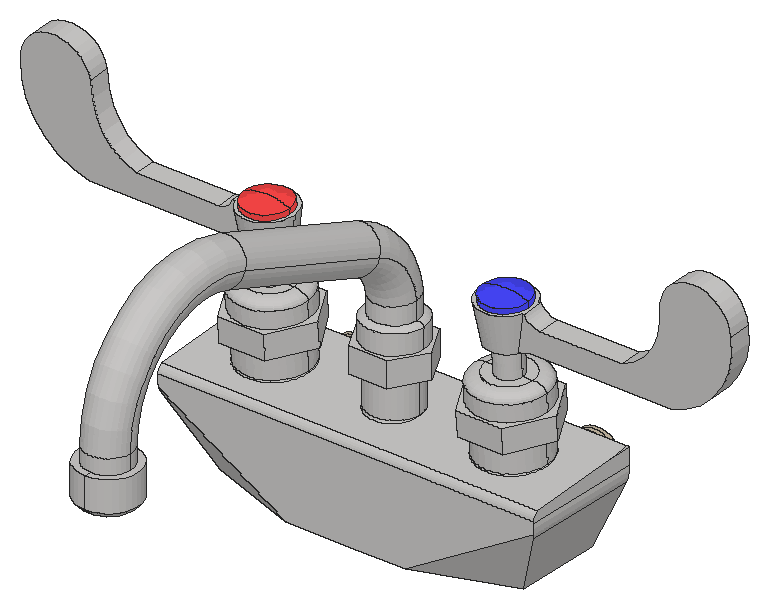
Revit family "14-406L-W-E4", category Specialty Equipment, Revit 2018
Family settings
  Round Connector Dimension = Use Diameter
  Part Type = Normal
  OmniClass Number = 23.45.05.14
  OmniClass Title = Plumbing Fixtures - Sanitary Washing Units
  Work Plane-Based = No
  Always vertical = Yes
  Cut with Voids When Loaded = No
  Shared = No
  Room Calculation Point = No
Parameters
  Plumbing Remarks = ""
  Plumbing Connection Type = ""
  Model = "14-406L-W-E4"
  Masterspec = ""
  Manufacturer = "Krowne Metal"
  Item Number = ""
  Inlet = 1/2"
  Hot Water Temperature = 100 °F
  Hot Water Size = 1/2"
  Hot Water RI Height = 0"
  Hot Water Flow = 1.5 GPM
  Hot Water Connection Height = 0"
  Description = "4\" Wall Mount Faucet with 6\" Spout & Vandal Resistant Wrist Blades Handles"
  Cold Water Size = 1/2"
  Cold Water RI Height = 0"
  Cold Water Flow = 1.5 GPM
  Cold Water Connection Height = 0"
  Assembly Code = "D2010400"
Reference planes
  plane 1 "Center (Front/Back)": y = 0
  plane 2: z = 0
  plane 3 "Center (Left/Right)": x = 0
  plane 4: x = 50.8
  plane 5: x = -50.8
  plane 6: y = -304.8
  plane 7: z = 50.8
  plane 8: z = -49.997
  plane 9: z = 127
  plane 10: y = -152.4
  plane 11 "Center L/S": y = 24.5
Forms (mm)
  Revolve 1, solid, material "Plastic-Brass-Red"
    sketch origin (0, -1.104, 35.657) x (1, 0, 0) y (0, -0.069756, 0.997564)
      loop
        arc (-50.8, 49.768) -> (-55.813, 49.249) -> (-60.546, 47.516) r 20.394
        line (-60.546, 47.516) -> (-60.546, 45.386) -> (-50.8, 45.386) -> (-50.8, 49.768)
      axis (-50.8, 49.768) -> (-50.8, 45.386)
    angle from 0 to 360
  Revolve 2, solid, material "Plastic-Brass-Blue"
    sketch origin (0, -1.104, 35.657) x (-1, 0, 0) y (0, 0.069756, -0.997564)
      loop
        line (-50.8, -49.768) -> (-50.8, -45.35) -> (-60.546, -45.35) -> (-60.546, -47.516)
        arc (-60.546, -47.516) -> (-55.813, -49.249) -> (-50.8, -49.768) r 20.394
      axis (-50.8, -49.768) -> (-50.8, -45.35)
    angle from 0 to 360
  Sweep 3, solid, material "Metal_Finishes_Stainless Steel"
    path origin (0, 0, 1.588) x (0, 1, 0) y (0, 0, 1)
      loop
        line (-152.4, 64.433) -> (-152.4, 70.783)
        arc (-152.4, 70.783) -> (-133.096, 108.086) -> (-91.494, 113.871) r 45.694
        line (-91.494, 113.871) -> (-20.073, 87.312)
        arc (-20.073, 87.312) -> (-6.616, 77.605) -> (-0.032, 62.376) r 31.227
        line (-0.032, 62.376) -> (-0.032, 49.676)
    profile origin (0, -0.032, 57.613) x (1, 0, 0) y (0, 1, 0)
      loop
        circle (0, 0) r 9.525
  Revolve 4, solid, material "Metal_Finishes_Stainless Steel"
    sketch origin (0, 152.4, -60.22) x (0, 1, 0) y (0, 0, 1)
      loop
        line (-292.095, 126.241) -> (-304.8, 126.241) -> (-304.8, 111.026) -> (-294.436, 111.026) -> (-292.095, 113.367) -> (-292.095, 126.241)
      axis (-304.8, 126.241) -> (-304.8, 111.026)
    angle from 0 to 360
  Extrusion 5, void
    sketch origin (0, -231.813, -75.47) x (1, 0, 0) y (0, 1, 0)
      loop
        circle (0, 79.401) r 7.476
      loop
        circle (0, 85.732) r 0.799
      loop
        circle (2.526, 85.1) r 0.799
      loop
        circle (-2.526, 85.1) r 0.799
      loop
        circle (0.07, 83.416) r 0.799
      loop
        circle (2.596, 82.785) r 0.799
      loop
        circle (-2.456, 82.785) r 0.799
      loop
        circle (-4.561, 83.487) r 0.799
      loop
        circle (4.351, 83.627) r 0.799
      loop
        circle (-5.754, 81.592) r 0.799
      loop
        circle (0.14, 81.452) r 0.799
      loop
        circle (4.491, 81.662) r 0.799
      loop
        circle (-1.904, 80.101) r 0.799
      loop
        circle (2.526, 80.75) r 0.799
      loop
        circle (0, 73.07) r 0.799
      loop
        circle (2.526, 73.701) r 0.799
      loop
        circle (-2.526, 73.701) r 0.799
      loop
        circle (0.07, 75.385) r 0.799
      loop
        circle (2.596, 76.017) r 0.799
      loop
        circle (-2.456, 76.017) r 0.799
      loop
        circle (-4.561, 75.315) r 0.799
      loop
        circle (4.351, 75.175) r 0.799
      loop
        circle (-5.754, 77.21) r 0.799
      loop
        circle (0.14, 77.35) r 0.799
      loop
        circle (4.491, 77.14) r 0.799
      loop
        circle (-3.088, 77.911) r 0.799
      loop
        circle (2.526, 78.052) r 0.799
      loop
        circle (4.116, 79.637) r 0.799
      loop
        circle (-3.63, 80.693) r 0.799
      loop
        circle (-0.07, 79.315) r 0.799
      loop
        circle (-5.542, 79.347) r 0.799
      loop
        circle (6.19, 80.509) r 0.799
      loop
        circle (6.159, 78.386) r 0.799
    from 126.27 to 128.617
  Extrusion 6, solid, material "Metal_Finishes_Stainless Steel"
    sketch origin (0, 0, -2.921) x (1, 0, 0) y (0, 0, 1)
      loop
        arc (-79.384, 25.167) -> (-79.877, 24.963) -> (-80.081, 24.47) r 0.697
        line (-80.081, 24.47) -> (-80.081, 17.673)
        arc (-80.081, 17.673) -> (-80.07, 14.189) -> (-79.028, 10.865) r 11.643
        line (-79.028, 10.865) -> (-64.595, -18.728) -> (0, -18.728) -> (64.595, -18.728) -> (79.028, 10.865)
        arc (79.028, 10.865) -> (80.07, 14.189) -> (80.081, 17.673) r 11.643
        line (80.081, 17.673) -> (80.081, 24.47)
        arc (80.081, 24.47) -> (79.877, 24.963) -> (79.384, 25.167) r 0.697
        line (79.384, 25.167) -> (0, 25.167) -> (-79.384, 25.167)
    from -24.5 to 25.807
  Extrusion 7, void
    sketch origin (-0.68, -29.575, 7.271) x (-0.939693, -0.34202, 0) y (0.296198, -0.813798, -0.5)
      loop
        line (-17.835, 36.308) -> (-92.688, 36.308) -> (-92.688, 19.206) -> (-17.835, 19.206) -> (-17.835, 36.308)
    from -31.743 to 35.497
  Revolve 8, solid, material "Metal- Brass-Chrome Plated Brass"
    sketch origin (101.6, 24.5, 0.299) x (1, 0, 0) y (0, -0.999991, 0.00423)
      loop
        line (-61.101, 0.502) -> (-61.101, -1.81) -> (-59.556, -2.716) -> (-61.133, -3.623) -> (-59.551, -4.529) -> (-61.126, -5.44) -> (-59.555, -6.344) -> (-61.12, -7.25) -> (-59.556, -8.156) -> (-61.126, -9.067) -> (-59.549, -9.97) -> (-61.126, -10.88) -> (-59.527, -11.768) -> (-61.101, -12.679) -> (-59.549, -13.602) -> (-61.101, -14.499) -> (-59.561, -15.414) -> (-61.132, -16.323) -> (-59.555, -17.231) -> (-61.12, -18.136) -> (-59.549, -19.043) -> (-61.12, -19.957) -> (-59.361, -20.977) -> (-50.8, -20.977) -> (-50.8, 0.502) -> (-61.101, 0.502)
      axis (-50.8, 0.502) -> (-50.8, -20.977)
    angle from 0 to 360
  Revolve 9, solid, material "Metal- Brass-Chrome Plated Brass"
    sketch origin (-101.6, 24.5, 0.299) x (-1, 0, 0) y (0, 0.999991, -0.00423)
      loop
        line (-61.101, -0.502) -> (-50.8, -0.502) -> (-50.8, 20.977) -> (-59.361, 20.977) -> (-61.12, 19.957) -> (-59.549, 19.043) -> (-61.12, 18.136) -> (-59.555, 17.231) -> (-61.132, 16.323) -> (-59.561, 15.414) -> (-61.101, 14.499) -> (-59.549, 13.602) -> (-61.101, 12.679) -> (-59.527, 11.768) -> (-61.126, 10.88) -> (-59.549, 9.97) -> (-61.126, 9.067) -> (-59.556, 8.156) -> (-61.12, 7.25) -> (-59.555, 6.344) -> (-61.126, 5.44) -> (-59.551, 4.529) -> (-61.133, 3.623) -> (-59.556, 2.716) -> (-61.101, 1.81) -> (-61.101, -0.502)
      axis (-50.8, -0.502) -> (-50.8, 20.977)
    angle from 0 to 360
  Extrusion 10, void
    sketch origin (0.68, -29.575, 7.271) x (0.939693, -0.34202, 0) y (0.296198, 0.813798, 0.5)
      loop
        line (-17.835, -36.308) -> (-17.835, -19.206) -> (-92.688, -19.206) -> (-92.688, -36.308) -> (-17.835, -36.308)
    from -31.743 to 35.497
  Extrusion 11, void
    sketch origin (0, 0, 0) x (0, 1, 0) y (0, 0, 1)
      loop
        line (24.5, 22.246) -> (24.5, 24.536) -> (-26.736, 24.536) -> (-26.736, 14.663) -> (-25.798, 14.663)
        arc (-25.798, 14.663) -> (-25.38, 17.075) -> (-23.721, 18.874) r 4.328
        line (-23.721, 18.874) -> (24.5, 22.246)
    from -100.738 to 89.288
  Revolve 12, solid, material "Metal_Finishes_Stainless Steel"
    sketch origin (-0.08, -0.661, 30.023) x (-1, 0, 0) y (0, 0.064546, -0.997915)
      loop
        line (-50.8, -50.906) -> (-50.8, -11.719) -> (-66.4, -11.719) -> (-66.4, -18.828)
        spline (-66.4, -18.828) -> (-66.311, -19.303) -> (-66.153, -19.744) -> (-65.927, -20.151) -> (-65.633, -20.522) -> (-65.269, -20.859) -> (-64.837, -21.161) -> (-64.337, -21.429) -> (-63.767, -21.662) -> (-63.13, -21.86) -> (-62.423, -22.023) -> (-61.648, -22.152) -> (-60.805, -22.246)
        line (-60.805, -22.246) -> (-56.358, -22.246) -> (-56.358, -34.379) -> (-59.706, -34.379) -> (-62.183, -50.906) -> (-50.8, -50.906)
      loop
        arc (-66.35, 9.991) -> (-65.642, 9.698) -> (-65.348, 8.989) r 1.002
        line (-65.348, 8.989) -> (-65.348, -1.788) -> (-50.8, -1.788) -> (-50.8, 9.991) -> (-66.35, 9.991)
      axis (-50.8, -50.906) -> (-50.8, 9.991)
    angle from 0 to 360
  Revolve 13, solid, material "Metal_Finishes_Stainless Steel"
    sketch origin (0, 0, -2.991) x (1, 0, 0) y (0, 0, 1)
      loop
        line (-12.548, 57.613) -> (-12.548, 49.296) -> (0, 49.296) -> (0, 59.297) -> (-8.991, 59.297)
        arc (-8.991, 59.297) -> (-10.955, 58.841) -> (-12.548, 57.613) r 4.633
      loop
        line (-10.919, 38.825) -> (-10.919, 23.858)
        arc (-10.919, 23.858) -> (-11.444, 22.59) -> (-12.713, 22.064) r 1.794
        line (-12.713, 22.064) -> (0, 22.064) -> (0, 38.825) -> (-10.919, 38.825)
      axis (0, 59.297) -> (0, 22.064)
    angle from 0 to 360
  Extrusion 14, solid, material "Metal_Finishes_Stainless Steel"
    sketch origin (-50.8, 0, -0.094) x (-1, 0, 0) y (0, -1, 0)
      loop
        line (-42.739, -13.963) -> (-34.677, 0) -> (-42.739, 13.963) -> (-58.861, 13.963) -> (-66.923, 0) -> (-58.861, -13.963) -> (-42.739, -13.963)
    from 35.928 to 46.399
  Extrusion 15, solid, material "Metal_Finishes_Stainless Steel"
    sketch origin (101.52, 1.208, 1.135) x (1, 0, 0) y (0, 0.997915, 0.064546)
      loop
        line (-60.562, 16.909) -> (-70.324, 0) -> (-60.562, -16.909) -> (-41.038, -16.909) -> (-31.276, 0) -> (-41.038, 16.909) -> (-60.562, 16.909)
    from 30.756 to 40.88
  Extrusion 16, solid, material "Metal_Finishes_Stainless Steel"
    sketch origin (-0.08, 1.208, 1.135) x (1, 0, 0) y (0, -0.064546, 0.997915)
      loop
        line (-68.431, 75.532) -> (-103.557, 75.532)
        spline (-103.557, 75.532) -> (-106.504, 76.784) -> (-109.166, 78.285) -> (-111.55, 80.027) -> (-113.66, 82.005) -> (-115.502, 84.211) -> (-117.081, 86.637) -> (-118.402, 89.278) -> (-119.471, 92.125) -> (-120.294, 95.172) -> (-120.875, 98.413) -> (-121.219, 101.839) -> (-121.333, 105.444)
        arc (-121.333, 105.444) -> (-137.37, 118.301) -> (-151.365, 103.245) r 15.096
        arc (-151.365, 103.245) -> (-144.616, 79.043) -> (-123.684, 65.146) r 36.007
        line (-123.684, 65.146) -> (-64.018, 65.146)
        arc (-64.018, 65.146) -> (-61.798, 64.807) -> (-59.78, 63.821) r 7.441
        line (-59.78, 63.821) -> (-50.8, 63.821) -> (-50.8, 79.891) -> (-62.188, 79.891)
        arc (-62.188, 79.891) -> (-64.624, 76.73) -> (-68.431, 75.532) r 6.651
    from -4.471 to 4.471
  Extrusion 17, solid, material "Metal_Finishes_Stainless Steel"
    sketch origin (-0.08, 1.208, 1.135) x (-1, 0, 0) y (0, 0.064546, -0.997915)
      loop
        arc (-68.431, -75.532) -> (-64.624, -76.73) -> (-62.188, -79.891) r 6.651
        line (-62.188, -79.891) -> (-50.8, -79.891) -> (-50.8, -63.821) -> (-59.78, -63.821)
        arc (-59.78, -63.821) -> (-61.798, -64.807) -> (-64.018, -65.146) r 7.441
        line (-64.018, -65.146) -> (-123.684, -65.146)
        arc (-123.684, -65.146) -> (-144.616, -79.043) -> (-151.365, -103.245) r 36.007
        arc (-151.365, -103.245) -> (-137.37, -118.301) -> (-121.333, -105.444) r 15.096
        spline (-121.333, -105.444) -> (-121.219, -101.839) -> (-120.875, -98.413) -> (-120.294, -95.172) -> (-119.471, -92.125) -> (-118.402, -89.278) -> (-117.081, -86.637) -> (-115.502, -84.211) -> (-113.66, -82.005) -> (-111.55, -80.027) -> (-109.166, -78.285) -> (-106.504, -76.784) -> (-103.557, -75.532)
        line (-103.557, -75.532) -> (-68.431, -75.532)
    from -4.471 to 4.471
  Revolve 18, solid, material "Metal_Finishes_Stainless Steel"
    sketch origin (-0.08, -0.661, 30.023) x (1, 0, 0) y (0, -0.064546, 0.997915)
      loop
        line (-50.8, 50.906) -> (-62.183, 50.906) -> (-59.706, 34.379) -> (-56.358, 34.379) -> (-56.358, 22.246) -> (-60.805, 22.246)
        spline (-60.805, 22.246) -> (-61.648, 22.152) -> (-62.423, 22.023) -> (-63.13, 21.86) -> (-63.767, 21.662) -> (-64.337, 21.429) -> (-64.837, 21.161) -> (-65.269, 20.859) -> (-65.633, 20.522) -> (-65.927, 20.151) -> (-66.153, 19.744) -> (-66.311, 19.303) -> (-66.4, 18.828)
        line (-66.4, 18.828) -> (-66.4, 11.719) -> (-50.8, 11.719) -> (-50.8, 50.906)
      loop
        line (-66.35, -9.991) -> (-50.8, -9.991) -> (-50.8, 1.788) -> (-65.348, 1.788) -> (-65.348, -8.989)
        arc (-65.348, -8.989) -> (-65.642, -9.698) -> (-66.35, -9.991) r 1.002
      axis (-50.8, 50.906) -> (-50.8, -9.991)
    angle from 0 to 360
  Extrusion 19, solid, material "Metal_Finishes_Stainless Steel"
    sketch origin (-101.68, 1.208, 1.135) x (-1, 0, 0) y (0, -0.997915, -0.064546)
      loop
        line (-60.562, -16.909) -> (-41.038, -16.909) -> (-31.276, 0) -> (-41.038, 16.909) -> (-60.562, 16.909) -> (-70.324, 0) -> (-60.562, -16.909)
    from 30.756 to 40.88
Cuts and joins
  Extrusion 5 cuts Revolve 4
  Extrusion 5, Extrusion 11 cuts Sweep 3
  Extrusion 7, Extrusion 10, Extrusion 11 cuts Extrusion 6
  joined: Sweep 3, Extrusion 6, Revolve 12, Revolve 13, Extrusion 14, Extrusion 15, Extrusion 16, Extrusion 17, Revolve 18, Extrusion 19
Dimensions and locks
  equal spacing: plane 5, plane 3 "Center (Left/Right)", plane 4
  plane 5 to plane 4 = 4"
  plane 1 "Center (Front/Back)" to plane 10 = 6"
  plane 9 to plane 2 = 5"
  plane 7 to plane 2 = 2"
  aligned and locked: level to plane 2
Automatic sketch dimensions
  Sweep 3 sketch curve to plane 10 = 0"
  plane 7 to Sweep 3 sketch curve = 0.84924"
  plane 10 to Sweep 3 sketch curve = 1.79896"
  Sweep 3 sketch curve to plane 9 = 0.45441"
  plane 7 to Sweep 3 sketch curve = 89/256"
  plane 1 "Center (Front/Back)" to Sweep 3 sketch curve = 1 7/32"
  plane 1 "Center (Front/Back)" to Sweep 3 sketch curve = 0.79027"
  plane 1 "Center (Front/Back)" to Sweep 3 sketch curve = 0.00125"
  plane 7 to Sweep 3 sketch curve = 0.51823"
  plane 7 to Sweep 3 sketch curve = 0.01823"
  Sweep 3 sketch curve to Sweep 3 sketch curve = 1/4"
  Sweep 3 sketch curve to plane 3 "Center (Left/Right)" = 0"
  profile plane to Sweep 3 sketch curve = 0"
  Revolve 4 sketch curve to plane 10 = 0"  (x2)
  plane 7 to Revolve 4 sketch curve = 0.00023"
  Revolve 4 sketch curve to Revolve 4 sketch curve = 0.40805"
  Revolve 4 sketch curve to Revolve 4 sketch curve = 0.09217"
  plane 7 to Revolve 4 sketch curve = 0.09239"
  Revolve 4 sketch curve to Revolve 4 sketch curve = 0.50685"
  Revolve 4 sketch curve to Revolve 4 sketch curve = 33/256"
  Revolve 4 sketch curve to Revolve 4 sketch curve = 0.10007"
  Extrusion 5 sketch curve to Extrusion 5 sketch curve = 0"  (x2)
  Extrusion 5 sketch curve to plane 3 "Center (Left/Right)" = 0"  (x3)
  Extrusion 5 sketch curve to plane 3 "Center (Left/Right)" = 0.00276"
  plane 10 to Extrusion 5 sketch curve = 0.02709"
  Extrusion 5 sketch curve to plane 3 "Center (Left/Right)" = 0.07498"
  Extrusion 5 sketch curve to plane 3 "Center (Left/Right)" = 0.09669"  (x2)
  Extrusion 5 sketch curve to Extrusion 5 sketch curve = 0.00276"  (x4)
  Extrusion 5 sketch curve to Extrusion 5 sketch curve = 0.02486"
  Extrusion 5 sketch curve to Extrusion 5 sketch curve = 0.06794"
  Extrusion 5 sketch curve to Extrusion 5 sketch curve = 0.08288"  (x2)
  Extrusion 5 sketch curve to plane 10 = 0.00261"
  Extrusion 5 sketch curve to Extrusion 5 sketch curve = 0.07526"
  Extrusion 5 sketch curve to Extrusion 5 sketch curve = 0.00836"
  Extrusion 5 sketch curve to Extrusion 5 sketch curve = 0.04696"
  plane 3 "Center (Left/Right)" to Extrusion 5 sketch curve = 0.00276"  (x2)
  plane 3 "Center (Left/Right)" to Extrusion 5 sketch curve = 0.00553"  (x2)
  plane 3 "Center (Left/Right)" to Extrusion 5 sketch curve = 0.09945"  (x2)
  Extrusion 5 sketch curve to Extrusion 5 sketch curve = 0.09393"  (x2)
  plane 10 to Extrusion 5 sketch curve = 0.00882"
  Extrusion 5 sketch curve to Extrusion 5 sketch curve = 0.06259"
  Extrusion 5 sketch curve to Extrusion 5 sketch curve = 0.06907"  (x2)
  Extrusion 5 sketch curve to Extrusion 5 sketch curve = 0.00553"  (x2)
  Extrusion 5 sketch curve to plane 10 = 0.04046"
  Extrusion 5 sketch curve to Extrusion 5 sketch curve = 0.06569"
  Extrusion 5 sketch curve to Extrusion 5 sketch curve = 0.06688"
  Extrusion 5 sketch curve to plane 10 = 0.0536"
  Extrusion 5 sketch curve to plane 10 = 0.05913"
  Extrusion 5 sketch curve to plane 10 = 0.08123"
  Extrusion 5 sketch curve to Extrusion 5 sketch curve = 0.08414"
  Extrusion 5 sketch curve to Extrusion 5 sketch curve = 0.04906"
  Extrusion 5 sketch curve to Extrusion 5 sketch curve = 0.07459"
  Extrusion 5 sketch curve to Extrusion 5 sketch curve = 0.08012"  (x2)
  Extrusion 5 sketch curve to Extrusion 5 sketch curve = 0.07735"  (x2)
  Extrusion 5 sketch curve to Extrusion 5 sketch curve = 0.02763"  (x2)
  Extrusion 5 sketch curve to Extrusion 5 sketch curve = 0.03315"  (x2)
  Extrusion 5 sketch curve to Extrusion 5 sketch curve = 0.09117"  (x6)
  Extrusion 5 sketch curve to plane 10 = 0.00387"
  Extrusion 5 sketch curve to plane 10 = 0.00049"
  plane 10 to Extrusion 5 sketch curve = 0.04315"
  plane 10 to Extrusion 5 sketch curve = 0.05039"
  plane 10 to Extrusion 5 sketch curve = 0.05262"
  plane 10 to Extrusion 5 sketch curve = 0.08025"
  plane 10 to Extrusion 5 sketch curve = 0.08577"
  Extrusion 5 sketch curve to Extrusion 5 sketch curve = 0.04539"
  Extrusion 5 sketch curve to Extrusion 5 sketch curve = 0.08235"
  Extrusion 5 sketch curve to Extrusion 5 sketch curve = 0.04506"
  Extrusion 6 sketch curve to plane 3 "Center (Left/Right)" = 0"  (x2)
  plane 5 to Extrusion 6 sketch curve = 0.54312"
  plane 5 to Extrusion 6 sketch curve = 0.69936"
  level to Extrusion 6 sketch curve = 0.31274"  (x2)
  Extrusion 6 sketch curve to Extrusion 6 sketch curve = 0.41199"  (x2)
  Extrusion 6 sketch curve to Extrusion 6 sketch curve = 0.014"
  Extrusion 6 sketch curve to Extrusion 6 sketch curve = 0.02745"  (x2)
  plane 4 to Extrusion 6 sketch curve = 0.54312"
  plane 4 to Extrusion 6 sketch curve = 0.69936"
  Extrusion 6 sketch curve to Extrusion 6 sketch curve = 0.42599"
  Extrusion 6 sketch curve to level = 0.85231"
  Extrusion 6 sketch curve to Extrusion 6 sketch curve = 0.20094"  (x2)
  Extrusion 6 sketch curve to Extrusion 6 sketch curve = 0.26762"
  Extrusion 7 sketch curve to Extrusion 7 sketch curve = 2.94694"
  Extrusion 7 sketch curve to Extrusion 7 sketch curve = 0.67331"
  Revolve 8 sketch curve to plane 4 = 0"  (x2)
  Revolve 8 sketch curve to plane 4 = 0.33703"
  Revolve 8 sketch curve to plane 4 = 0.3436"
  Revolve 8 sketch curve to Revolve 8 sketch curve = 0.00085"  (x2)
  Revolve 8 sketch curve to Revolve 8 sketch curve = 0.00741"
  Revolve 8 sketch curve to Revolve 8 sketch curve = 0.0001"
  Revolve 8 sketch curve to Revolve 8 sketch curve = 0.00023"  (x2)
  Revolve 8 sketch curve to Revolve 8 sketch curve = 0.00014"
  Revolve 8 sketch curve to Revolve 8 sketch curve = 0.00004"
  Revolve 8 sketch curve to Revolve 8 sketch curve = 0.00019"
  Revolve 8 sketch curve to Revolve 8 sketch curve = 0.00047"
  Revolve 8 sketch curve to Revolve 8 sketch curve = 0.06083"
  Revolve 8 sketch curve to Revolve 8 sketch curve = 0.06064"
  Revolve 8 sketch curve to Revolve 8 sketch curve = 0.06111"
  Revolve 8 sketch curve to Revolve 8 sketch curve = 0.06161"
  Revolve 8 sketch curve to Revolve 8 sketch curve = 0.06185"
  Revolve 8 sketch curve to Revolve 8 sketch curve = 0.06158"
  Revolve 8 sketch curve to Revolve 8 sketch curve = 0.06181"
  Revolve 8 sketch curve to Revolve 8 sketch curve = 0.001"
  Revolve 8 sketch curve to Revolve 8 sketch curve = 0.0005"
  Revolve 8 sketch curve to Revolve 8 sketch curve = 0.00125"
  Revolve 8 sketch curve to Revolve 8 sketch curve = 0.04018"
  Revolve 8 sketch curve to Revolve 8 sketch curve = 0.03595"
  Revolve 8 sketch curve to Revolve 8 sketch curve = 0.03572"
  Revolve 8 sketch curve to Revolve 8 sketch curve = 0.03565"
  Revolve 8 sketch curve to Revolve 8 sketch curve = 0.07138"  (x2)
  Revolve 8 sketch curve to Revolve 8 sketch curve = 0.03581"
  Revolve 8 sketch curve to Revolve 8 sketch curve = 0.03601"
  Revolve 8 sketch curve to Revolve 8 sketch curve = 0.0353"
  Revolve 8 sketch curve to Revolve 8 sketch curve = 0.03637"
  Revolve 8 sketch curve to Revolve 8 sketch curve = 0.03584"
  Revolve 8 sketch curve to Revolve 8 sketch curve = 0.07083"
  Revolve 8 sketch curve to Revolve 8 sketch curve = 0.07081"
  Revolve 8 sketch curve to Revolve 8 sketch curve = 0.0714"
  Revolve 8 sketch curve to Revolve 8 sketch curve = 0.03568"  (x2)
  Revolve 8 sketch curve to Revolve 8 sketch curve = 0.03566"
  Revolve 8 sketch curve to Revolve 8 sketch curve = 0.07127"
  Revolve 8 sketch curve to Revolve 8 sketch curve = 0.07148"
  Revolve 8 sketch curve to Revolve 8 sketch curve = 0.07152"
  Revolve 8 sketch curve to Revolve 8 sketch curve = 0.07135"
  Revolve 8 sketch curve to Revolve 8 sketch curve = 0.12671"
  Revolve 8 sketch curve to Revolve 8 sketch curve = 0.28433"
  Revolve 8 sketch curve to Revolve 8 sketch curve = 0.0701"
  Revolve 9 sketch curve to plane 5 = 0"  (x2)
  Revolve 9 sketch curve to Revolve 9 sketch curve = 0.33703"
  Revolve 9 sketch curve to plane 5 = 0.3436"
  Revolve 9 sketch curve to Revolve 9 sketch curve = 0.00085"  (x2)
  Revolve 9 sketch curve to Revolve 9 sketch curve = 0.00741"
  Revolve 9 sketch curve to Revolve 9 sketch curve = 0.0001"
  Revolve 9 sketch curve to Revolve 9 sketch curve = 0.00023"  (x2)
  Revolve 9 sketch curve to Revolve 9 sketch curve = 0.00014"
  Revolve 9 sketch curve to Revolve 9 sketch curve = 0.00004"
  Revolve 9 sketch curve to Revolve 9 sketch curve = 0.00019"
  Revolve 9 sketch curve to Revolve 9 sketch curve = 0.00047"
  Revolve 9 sketch curve to Revolve 9 sketch curve = 0.06083"
  Revolve 9 sketch curve to Revolve 9 sketch curve = 0.06064"
  Revolve 9 sketch curve to Revolve 9 sketch curve = 0.06111"
  Revolve 9 sketch curve to Revolve 9 sketch curve = 0.06161"
  Revolve 9 sketch curve to Revolve 9 sketch curve = 0.06185"
  Revolve 9 sketch curve to Revolve 9 sketch curve = 0.06158"
  Revolve 9 sketch curve to Revolve 9 sketch curve = 0.06181"
  Revolve 9 sketch curve to Revolve 9 sketch curve = 0.001"
  Revolve 9 sketch curve to Revolve 9 sketch curve = 0.0005"
  Revolve 9 sketch curve to Revolve 9 sketch curve = 0.00125"
  Revolve 9 sketch curve to Revolve 9 sketch curve = 0.09103"
  Revolve 9 sketch curve to Revolve 9 sketch curve = 0.03568"  (x2)
  Revolve 9 sketch curve to Revolve 9 sketch curve = 0.07137"  (x2)
  Revolve 9 sketch curve to Revolve 9 sketch curve = 0.07135"
  Revolve 9 sketch curve to Revolve 9 sketch curve = 0.07152"
  Revolve 9 sketch curve to Revolve 9 sketch curve = 0.03561"
  Revolve 9 sketch curve to Revolve 9 sketch curve = 0.03566"
  Revolve 9 sketch curve to Revolve 9 sketch curve = 0.03585"
  Revolve 9 sketch curve to Revolve 9 sketch curve = 0.0714"
  Revolve 9 sketch curve to Revolve 9 sketch curve = 0.07138"
  Revolve 9 sketch curve to Revolve 9 sketch curve = 0.07081"
  Revolve 9 sketch curve to Revolve 9 sketch curve = 0.07083"
  Revolve 9 sketch curve to Revolve 9 sketch curve = 0.03637"
  Revolve 9 sketch curve to Revolve 9 sketch curve = 0.0353"
  Revolve 9 sketch curve to Revolve 9 sketch curve = 0.03601"
  Revolve 9 sketch curve to Revolve 9 sketch curve = 0.03581"
  Revolve 9 sketch curve to Revolve 9 sketch curve = 0.07154"
  Revolve 9 sketch curve to Revolve 9 sketch curve = 0.03565"
  Revolve 9 sketch curve to Revolve 9 sketch curve = 0.03595"
  Revolve 9 sketch curve to Revolve 9 sketch curve = 0.07613"
  Revolve 9 sketch curve to Revolve 9 sketch curve = 0.0701"
  Revolve 9 sketch curve to Revolve 9 sketch curve = 0.21423"
  Extrusion 10 sketch curve to Extrusion 10 sketch curve = 2.94694"
  Extrusion 10 sketch curve to Extrusion 10 sketch curve = 0.67331"
  plane 1 "Center (Front/Back)" to Extrusion 11 sketch curve = 1.05262"
  Extrusion 11 sketch curve to Extrusion 11 sketch curve = 0.03697"
  level to Extrusion 11 sketch curve = 0.74309"
  Extrusion 11 sketch curve to Extrusion 11 sketch curve = 0.08175"
  Extrusion 11 sketch curve to Extrusion 11 sketch curve = 0.16926"
  Extrusion 11 sketch curve to plane 1 "Center (Front/Back)" = 0.96456"
  Extrusion 11 sketch curve to Extrusion 11 sketch curve = 0.1462"
  level to Extrusion 11 sketch curve = 0.87584"
  Extrusion 11 sketch curve to Extrusion 11 sketch curve = 0.22289"
  Revolve 1 sketch curve to plane 5 = 0"  (x2)
  plane 5 to Revolve 1 sketch curve = 0.0166"
  Revolve 1 sketch curve to Revolve 1 sketch curve = 0.38369"
  Revolve 1 sketch curve to Revolve 1 sketch curve = 0.63024"
  Revolve 1 sketch curve to Revolve 1 sketch curve = 0.08386"
  Revolve 1 sketch curve to Revolve 1 sketch curve = 0.04662"
  Revolve 1 sketch curve to Revolve 1 sketch curve = 0"
  Revolve 2 sketch curve to plane 4 = 0"  (x2)
  plane 4 to Revolve 2 sketch curve = 0.0166"
  Revolve 2 sketch curve to Revolve 2 sketch curve = 0.38369"
  Revolve 2 sketch curve to Revolve 2 sketch curve = 0.08866"
  Revolve 2 sketch curve to Revolve 2 sketch curve = 0.0853"
  Revolve 2 sketch curve to Revolve 2 sketch curve = 0"
  Revolve 2 sketch curve to Revolve 2 sketch curve = 0.04662"
  plane 4 to Revolve 12 sketch curve = 0.611"
  plane 4 to Revolve 12 sketch curve = 0.60905"
  Revolve 12 sketch curve to Revolve 12 sketch curve = 0.0414"
  plane 4 to Revolve 12 sketch curve = 0.44497"
  Revolve 12 sketch curve to Revolve 12 sketch curve = 0.22028"
  plane 4 to Revolve 12 sketch curve = 0.34747"
  Revolve 12 sketch curve to Revolve 12 sketch curve = 0.17505"
  Revolve 12 sketch curve to plane 4 = 0.00317"  (x3)
  Revolve 12 sketch curve to Revolve 12 sketch curve = 0.65067"
  Revolve 12 sketch curve to Revolve 12 sketch curve = 0.47767"
  Revolve 12 sketch curve to Revolve 12 sketch curve = 0.13459"
  Revolve 12 sketch curve to Revolve 12 sketch curve = 0.41446"
  Revolve 12 sketch curve to Revolve 12 sketch curve = 0.39098"
  Revolve 12 sketch curve to Revolve 12 sketch curve = 0.42431"
  Revolve 12 sketch curve to Revolve 12 sketch curve = 0.10739"
  Revolve 12 sketch curve to Revolve 12 sketch curve = 0.09098"
  Revolve 13 sketch curve to plane 3 "Center (Left/Right)" = 0"  (x3)
  plane 7 to Revolve 13 sketch curve = 0.03358"
  Revolve 13 sketch curve to plane 3 "Center (Left/Right)" = 0.35397"
  Revolve 13 sketch curve to plane 3 "Center (Left/Right)" = 0.42987"
  Revolve 13 sketch curve to Revolve 13 sketch curve = 0.14004"
  Revolve 13 sketch curve to Revolve 13 sketch curve = 0.07063"
  Revolve 13 sketch curve to plane 7 = 0.17699"
  Revolve 13 sketch curve to Revolve 13 sketch curve = 0.41223"
  Revolve 13 sketch curve to Revolve 13 sketch curve = 0.58924"
  plane 7 to Revolve 13 sketch curve = 0.15045"
  plane 7 to Revolve 13 sketch curve = 0.21674"
  Revolve 13 sketch curve to Revolve 13 sketch curve = 0"
  Revolve 13 sketch curve to Revolve 13 sketch curve = 0.04317"
  plane 7 to Revolve 13 sketch curve = 0.04105"
  plane 1 "Center (Front/Back)" to Extrusion 14 sketch curve = 0"  (x2)
  Extrusion 14 sketch curve to plane 3 "Center (Left/Right)" = 0.63475"
  Extrusion 14 sketch curve to plane 3 "Center (Left/Right)" = 0.31738"  (x2)
  plane 3 "Center (Left/Right)" to Extrusion 14 sketch curve = 0.31738"  (x2)
  plane 3 "Center (Left/Right)" to Extrusion 14 sketch curve = 0.63475"
  Extrusion 14 sketch curve to plane 1 "Center (Front/Back)" = 0.54971"
  plane 1 "Center (Front/Back)" to Extrusion 14 sketch curve = 0.54971"
  Extrusion 15 sketch curve to plane 4 = 0.77184"
  Extrusion 15 sketch curve to plane 4 = 0.38751"  (x2)
  plane 4 to Extrusion 15 sketch curve = 0.38117"  (x2)
  plane 4 to Extrusion 15 sketch curve = 0.76551"
  Extrusion 15 sketch curve to Extrusion 15 sketch curve = 0.66569"  (x3)
  plane 5 to Extrusion 16 sketch curve = 3.36806"
  Extrusion 16 sketch curve to Extrusion 16 sketch curve = 0.49543"
  Extrusion 16 sketch curve to Extrusion 16 sketch curve = 0.58801"
  Extrusion 16 sketch curve to Extrusion 16 sketch curve = 0.23017"
  Extrusion 16 sketch curve to Extrusion 16 sketch curve = 0.79242"
  plane 5 to Extrusion 16 sketch curve = 0.69732"
  plane 5 to Extrusion 16 sketch curve = 0.52357"
  Extrusion 16 sketch curve to Extrusion 16 sketch curve = 0.2458"
  Extrusion 16 sketch curve to Extrusion 16 sketch curve = 0.16685"
  plane 5 to Extrusion 16 sketch curve = 0.00317"
  Extrusion 16 sketch curve to Extrusion 16 sketch curve = 0.2408"
  Extrusion 16 sketch curve to Extrusion 16 sketch curve = 0.4089"
  Extrusion 16 sketch curve to Extrusion 16 sketch curve = 0.63268"
  Extrusion 16 sketch curve to Extrusion 16 sketch curve = 0.97145"
  Extrusion 16 sketch curve to Extrusion 16 sketch curve = 0.11962"
  plane 4 to Extrusion 17 sketch curve = 3.36172"
  Extrusion 17 sketch curve to Extrusion 17 sketch curve = 0.49543"
  Extrusion 17 sketch curve to Extrusion 17 sketch curve = 0.58801"
  Extrusion 17 sketch curve to Extrusion 17 sketch curve = 0.23017"
  Extrusion 17 sketch curve to Extrusion 17 sketch curve = 0.79242"
  plane 4 to Extrusion 17 sketch curve = 0.69098"
  plane 4 to Extrusion 17 sketch curve = 0.51723"
  Extrusion 17 sketch curve to Extrusion 17 sketch curve = 0.2458"
  Extrusion 17 sketch curve to Extrusion 17 sketch curve = 0.16685"
  Extrusion 17 sketch curve to plane 4 = 0.00317"
  Extrusion 17 sketch curve to Extrusion 17 sketch curve = 0.08657"
  Extrusion 17 sketch curve to Extrusion 17 sketch curve = 0.20619"
  Extrusion 17 sketch curve to Extrusion 17 sketch curve = 0.67073"
  Extrusion 17 sketch curve to Extrusion 17 sketch curve = 0.09022"
  Extrusion 17 sketch curve to Extrusion 17 sketch curve = 0.05216"
  plane 5 to Revolve 18 sketch curve = 0.61734"
  plane 5 to Revolve 18 sketch curve = 0.61538"
  Revolve 18 sketch curve to Revolve 18 sketch curve = 0.0414"
  plane 5 to Revolve 18 sketch curve = 0.4513"
  Revolve 18 sketch curve to Revolve 18 sketch curve = 0.22028"
  plane 5 to Revolve 18 sketch curve = 0.35381"
  Revolve 18 sketch curve to Revolve 18 sketch curve = 0.17505"
  plane 5 to Revolve 18 sketch curve = 0.00317"  (x3)
  Revolve 18 sketch curve to Revolve 18 sketch curve = 0.42431"
  Revolve 18 sketch curve to Revolve 18 sketch curve = 0.39098"
  Revolve 18 sketch curve to Revolve 18 sketch curve = 0.27987"
  Revolve 18 sketch curve to Revolve 18 sketch curve = 0.13459"
  Revolve 18 sketch curve to Revolve 18 sketch curve = 0.47767"
  Revolve 18 sketch curve to Revolve 18 sketch curve = 0.65067"
  Revolve 18 sketch curve to Revolve 18 sketch curve = 0.09098"
  Revolve 18 sketch curve to Revolve 18 sketch curve = 0.10739"
  Extrusion 19 sketch curve to plane 5 = 0.76551"
  Extrusion 19 sketch curve to plane 5 = 0.38117"  (x2)
  plane 5 to Extrusion 19 sketch curve = 0.38751"  (x2)
  Extrusion 19 sketch curve to Extrusion 19 sketch curve = 0.38434"
  Extrusion 19 sketch curve to Extrusion 19 sketch curve = 0.66569"  (x3)
  radius of Sweep 3 sketch curve = 3/8"
  radius of Extrusion 5 sketch curve = 0.03144"  (x32)
Connectors
  piping at (-50.8, 45.477, 0.21), diameter 12.7, driven by "Inlet"
    settings: on Revolve 9, index 1, connector inside diameter 24", connector length 0", flow factor 0, pipe flow 0 GPM, pressure drop 0.00 psi, fitting loss kfactor 0, connector angle 0.00°, fixture units 0, engagement length 0", angle of deflection 0.00°, flow configuration 0, flow direction 1, fitting loss method 0, system type 19, joint type 0, gender type 0, connector reference index -1, connector utility 0, adjustable connector no, is connector primary yes, connector description ""
  piping at (50.8, 45.477, 0.21), diameter 12.7, driven by "Inlet"
    settings: on Revolve 8, index 2, connector inside diameter 24", connector length 0", flow factor 0, pipe flow 0 GPM, pressure drop 0.00 psi, fitting loss kfactor 0, connector angle 0.00°, fixture units 0, engagement length 0", angle of deflection 0.00°, flow configuration 0, flow direction 1, fitting loss method 0, system type 20, joint type 0, gender type 0, connector reference index -1, connector utility 0, adjustable connector no, is connector primary no, connector description ""
